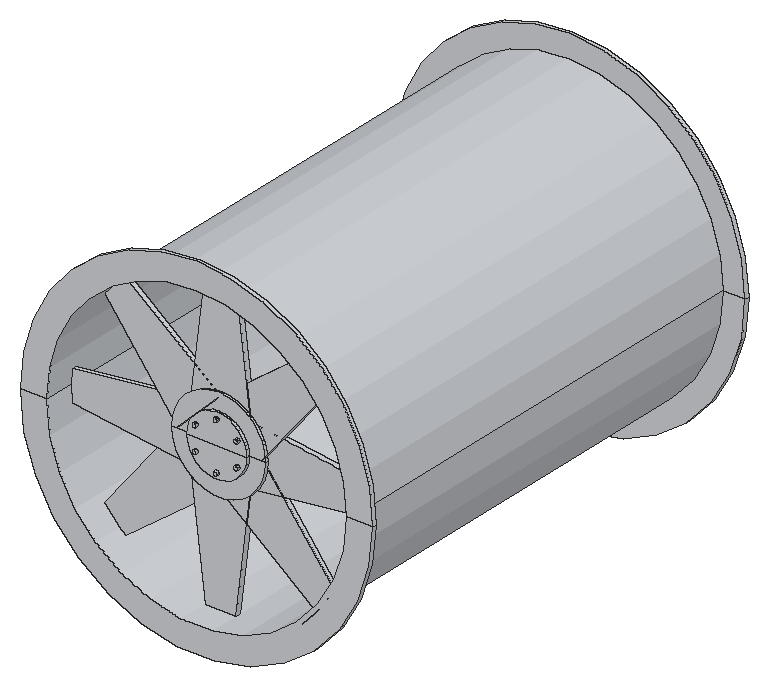
Revit family "CADS_Vent-Axia_MechEquip_Fan_BIFA_400_3Ph2P - EXTRACT", category Mechanical Equipment, Revit 2020
Family settings
  Round Connector Dimension = Use Diameter
  Part Type = Normal
  OmniClass Number = 23.75.00.00
  OmniClass Title = Climate Control (HVAC)
  Work Plane-Based = No
  Always vertical = Yes
  Cut with Voids When Loaded = No
  Shared = No
  Room Calculation Point = No
Parameters (values of type "BIFA403240")
  WorkingPressure = 0.0 Pa
  WarrantyStartDate [instance] = "1900-12-31T23:59:59"
  WarrantyPeriod = ""
  WarrantyIdentifier = "N/A"
  WarrantyGuarantorParts = "tech@vent-axia.com"
  WarrantyGuarantorLabor = "tech@vent-axia.com"
  WarrantyGuarantor = "Vent-Axia Limited"
  WarrantyEndDate [instance] = "1900-12-31T23:59:59"
  WarrantyContent = ""
  TemperatureRange = ""
  TagNumber [instance] = "N/A"
  SustainabilityPerformance = ""
  Status = "New"
  Size = ""
  Shape = ""
  ServiceLifeType = ""
  ServiceLifeDuration = ""
  SerialNumber [instance] = "N/A"
  ReplacementCost = ""
  RatedVoltage = 0 V
  RatedCurrent = 0 A
  Quantity = 1
  ProductionYear = ""
  PressureCurve = ""
  PowerFactor = ""
  PointOfContact = ""
  NumberOfPoles = 0
  NominalWidth = 400 mm
  NominalLength = 625 mm
  NominalHeight = 400 mm
  NominalFrequencyRange = ""
  NominalDiameter = 400 mm
  ModelReference = "BIF 400MM 3PH 2P 40DEG"
  ModelNumber = "BIFA403240"
  Material = ""
  ManufacturerE-Mail = "tech@vent-axia.com"
  ManufacturerAddress = "Fleming Way\nCrawley \nRH10 9YX"
  IsExtendedWarranty = no
  InsulationStandardClass = ""
  InstallationDate [instance] = "1900-12-31T23:59:59"
  IfcExportType [instance] = ""
  IfcExportAs = "IfcFanType"
  IP_Code = ""
  HasProtectiveEarth = no
  GrossWeight = 0.00 kg
  Grade = ""
  GlobalTradeItemNumber [instance] = "N/A"
  Fitting Type = "Ignore"
  Finish = ""
  Features = ""
  ExteriorInsulation = no
  ExpectedServiceLife = 0
  Exclusions = ""
  DurationUnit = "Year"
  Default Elevation = 0 mm
  Constituents = ""
  ConductorFunction = ""
  Color = ""
  CodePerformance = ""
  Category = ""
  CADS_Usage = 0
  CADS_Index = 0
  AssetType = "FIXED"
  AssetIdentifier [instance] = "N/A"
  AssemblyPlace = "UNKNOWN"
  ArticleNumber [instance] = "N/A"
  AirflowRateRange = 0.0 L/s
  Air Flow [instance] = 0.0 L/s
  AccessibilityPerformance = ""
Types (16, lengths in mm): name | ModelReference | ModelNumber
  BIFA403210 | "BIF 400MM 3PH 2P 10DEG" | "BIFA403210"
  BIFA403212 | "BIF 400MM 3PH 2P 12DEG" | "BIFA403212"
  BIFA403214 | "BIF 400MM 3PH 2P 14DEG" | "BIFA403214"
  BIFA403216 | "BIF 400MM 3PH 2P 16DEG" | "BIFA403216"
  BIFA403218 | "BIF 400MM 3PH 2P 18DEG" | "BIFA403218"
  BIFA403220 | "BIF 400MM 3PH 2P 20DEG" | "BIFA403220"
  BIFA403222 | "BIF 400MM 3PH 2P 22DEG" | "BIFA403222"
  BIFA403224 | "BIF 400MM 3PH 2P 24DEG" | "BIFA403224"
  BIFA403226 | "BIF 400MM 3PH 2P 26DEG" | "BIFA403226"
  BIFA403228 | "BIF 400MM 3PH 2P 28DEG" | "BIFA403228"
  BIFA403230 | "BIF 400MM 3PH 2P 30DEG" | "BIFA403230"
  BIFA403232 | "BIF 400MM 3PH 2P 32DEG" | "BIFA403232"
  BIFA403234 | "BIF 400MM 3PH 2P 34DEG" | "BIFA403234"
  BIFA403236 | "BIF 400MM 3PH 2P 36DEG" | "BIFA403236"
  BIFA403238 | "BIF 400MM 3PH 2P 38DEG" | "BIFA403238"
  BIFA403240 | "BIF 400MM 3PH 2P 40DEG" | "BIFA403240"
Reference planes
  plane 1 "Center (Front/Back)": y = 0
  plane 2: z = 0
  plane 3 "Center (Left/Right)": x = 0
  plane 4: x = -200
  plane 5: x = 200
  plane 6 "F": y = -312.5
  plane 7 "B": y = 312.5
  plane 8: x = -235
  plane 9: y = 307.5
  plane 10: y = -307.5
  plane 11: x = -205
  plane 12: y = -272.5
Forms (mm)
  Revolve 1, solid
    sketch origin (0, 0, 0) x (1, 0, 0) y (0, 1, 0)
      loop
        line (-235, -312.5) -> (-200, -312.5) -> (-200, 312.5) -> (-235, 312.5) -> (-235, 307.5) -> (-205, 307.5) -> (-205, -307.5) -> (-235, -307.5) -> (-235, -312.5)
      axis (0, 312.5) -> (0, -312.5)
    angle from 0 to 360
Dimensions and locks
  equal spacing: plane 4, plane 3 "Center (Left/Right)", plane 5
  equal spacing: plane 7 "B", plane 1 "Center (Front/Back)", plane 6 "F"
  "NominalLength": plane 7 "B" to plane 6 "F"
  "NominalDiameter": plane 4 to plane 5
  locked: plane 11 to plane 4 at 5
  locked: plane 8 to plane 11 at 30
  locked: plane 6 "F" to plane 10 at 5
  locked: plane 7 "B" to plane 9 at 5
  locked: plane 6 "F" to plane 12 at 40
  aligned and locked: level to plane 2
  aligned and locked: nested 1 to plane 12
Automatic sketch dimensions
  plane 6 "F" to Revolve 1 sketch curve = 0 mm
  Revolve 1 sketch curve to plane 8 = 0 mm  (x2)
  plane 10 to Revolve 1 sketch curve = 0 mm
  Revolve 1 sketch curve to plane 11 = 0 mm
  Revolve 1 sketch curve to plane 4 = 0 mm
  Revolve 1 sketch curve to plane 3 "Center (Left/Right)" = 0 mm
  plane 1 "Center (Front/Back)" to Revolve 1 sketch curve = 0 mm
  Revolve 1 sketch curve to plane 9 = 0 mm
  Revolve 1 sketch curve to plane 7 "B" = 0 mm
  plane 6 "F" to Revolve 1 sketch curve = 115 mm
Nested families
  nested 1: "Fan for BIFA" at (0, -272.5, 0), ND <- "NominalDiameter", type "Fan for BIFA"
    with hub 40 mm, ND 400 mm, BoltPCD 32 mm, Bolt Count 6, B_Diam 5 mm
  nested 2: "Bolts" at (27.713, -281.672, -16) x (-0.5, 0, -0.866) z (0, 1, 0), type "Bolts"
    with bd 5 mm
  nested 3: "Bolts" at (0, -281.672, -32) x (-1, 0, 0) z (0, 1, 0), type "Bolts"
    with bd 5 mm
  nested 4: "Bolts" at (-27.713, -281.672, -16) x (-0.5, 0, 0.866) z (0, 1, 0), type "Bolts"
    with bd 5 mm
  nested 5: "Bolts" at (-27.713, -281.672, 16) x (0.5, 0, 0.866) z (0, 1, 0), type "Bolts"
    with bd 5 mm
  nested 6: "Bolts" at (27.713, -281.672, 16) x (0.5, 0, -0.866) z (0, 1, 0), type "Bolts"
    with bd 5 mm
  nested 7: "Bolts" at (0, -281.672, 32) x (1, 0, 0) z (0, 1, 0), type "Bolts"
    with bd 5 mm
  nested 8: "BIFA Blade" at (0, -272.5, 0), type "BIFA Blade"
    with a 20.00°, HR 40 mm, HD 80 mm, BT 40 mm, BR 160 mm, BH 40 mm, BD 400 mm, BB 80 mm
  nested 9: "BIFA Blade" at (0, -272.5, 0) x (0.7071, 0, -0.7071) z (0.7071, 0, 0.7071), type "BIFA Blade"
    with a 20.00°, HR 40 mm, HD 80 mm, BT 40 mm, BR 160 mm, BH 40 mm, BD 400 mm, BB 80 mm
  nested 10: "BIFA Blade" at (0, -272.5, 0) x (0, 0, -1) z (1, 0, 0), type "BIFA Blade"
    with a 20.00°, HR 40 mm, HD 80 mm, BT 40 mm, BR 160 mm, BH 40 mm, BD 400 mm, BB 80 mm
  nested 11: "BIFA Blade" at (0, -272.5, 0) x (-0.7071, 0, -0.7071) z (0.7071, 0, -0.7071), type "BIFA Blade"
    with a 20.00°, HR 40 mm, HD 80 mm, BT 40 mm, BR 160 mm, BH 40 mm, BD 400 mm, BB 80 mm
  nested 12: "BIFA Blade" at (0, -272.5, 0) x (-1, 0, 0) z (0, 0, -1), type "BIFA Blade"
    with a 20.00°, HR 40 mm, HD 80 mm, BT 40 mm, BR 160 mm, BH 40 mm, BD 400 mm, BB 80 mm
  nested 13: "BIFA Blade" at (0, -272.5, 0) x (-0.7071, 0, -0.7071) z (-0.7071, 0, 0.7071), type "BIFA Blade"
    with a 20.00°, HR 40 mm, HD 80 mm, BT 40 mm, BR 160 mm, BH 40 mm, BD 400 mm, BB 80 mm
  nested 14: "BIFA Blade" at (0, -272.5, 0) x (0, 0, -1) z (-1, 0, 0), type "BIFA Blade"
    with a 20.00°, HR 40 mm, HD 80 mm, BT 40 mm, BR 160 mm, BH 40 mm, BD 400 mm, BB 80 mm
  nested 15: "BIFA Blade" at (0, -272.5, 0) x (0.7071, 0, -0.7071) z (-0.7071, 0, -0.7071), type "BIFA Blade"
    with a 20.00°, HR 40 mm, HD 80 mm, BT 40 mm, BR 160 mm, BH 40 mm, BD 400 mm, BB 80 mm
Connectors
  hvac at (0, -312.5, 0), driven by "NominalDiameter", driven by "Air Flow"
    settings: on Revolve 1, index 1, duct flow 0.0 L/s, flow factor 0, pres drop 0.0 Pa, loss coef 0, conn angle 0.00°, conn width 304.8 mm, conn height 304.8 mm, conn diameter 400 mm, duct sys type 2, conn prof type 0, flow config 0, flow direction 1, loss method 0, conn ref index -1, conn util no, is conn primary yes, conn desc ""
  hvac at (0, 312.5, 0), driven by "NominalDiameter", driven by "Air Flow"
    settings: on Revolve 1, index 2, duct flow 0.0 L/s, flow factor 0, pres drop 0.0 Pa, loss coef 0, conn angle 0.00°, conn width 304.8 mm, conn height 304.8 mm, conn diameter 400 mm, duct sys type 3, conn prof type 0, flow config 1, flow direction 2, loss method 0, conn ref index -1, conn util no, is conn primary no, conn desc ""
Definition of nested family "Fan for BIFA"
  Parameters (values of type "Fan for BIFA")
    hub [instance] = ND / 10  # 50 mm
    ND [instance] = 500 mm
    Model = "."
    Default Elevation = 0 mm
    BoltPCD [instance] = hub - (hub * 0.2)  # 40 mm
    Bolt Count [instance] = if(hub < 50 mm, 6, 8)  # 8
    B_Diam [instance] = if(hub < 50 mm, 5 mm, 10 mm)  # 10 mm
  Reference planes
    plane 1 "Center (Front/Back)": y = 0
    plane 2: z = 0
    plane 3 "Center (Left/Right)": x = 0
    plane 4 "back": y = 20
    plane 5 "bolts": y = -9.172
    plane 6 "B": z = 50
    plane 7: x = -72.587
    plane 8: x = -50
    plane 9 "hubface": y = -6.172
  Forms (mm)
    Revolve 1, solid
      sketch origin (0, 0, 0) x (1, 0, 0) y (0, 1, 0)
        loop
          line (0, 20) -> (-50, 20) -> (-50, 10.504) -> (-72.587, 10.504) -> (-72.587, -2.597) -> (-50, -2.597) -> (-50, -6.172) -> (0, -6.172) -> (0, 20)
        axis (0, 20) -> (0, -6.172)
      angle from 0 to 360
    Extrusion 2, solid, not visible
      sketch origin (0, -6.347, -4) x (-1, 0, 0) y (0, 0, 1)
        loop
          circle (0, 84) r 5
      from 0 to 3
  Lines and regions (mm)
    symbolic lines
      curve 1: circle (0, -9.172, 0) r 40 normal (0, 1, 0)
    model lines, not visible
      curve 2: line (0, -6.347, 85) -> (0, -6.347, 75)
  Dimensions and locks
    "hub": plane 6 "B" to plane 2
    "hub": nested 3 to plane 3 "Center (Left/Right)"
    "hub": nested 4 to plane 3 "Center (Left/Right)"
    "hub": nested 5 to plane 3 "Center (Left/Right)"
    "hub": plane 3 "Center (Left/Right)" to nested 6
    "hub": Revolve 1 sketch curve to Revolve 1 sketch curve
    "hub": plane 3 "Center (Left/Right)" to nested 7
    "hub": plane 3 "Center (Left/Right)" to nested 8
    "hub": plane 3 "Center (Left/Right)" to nested 9
    "hub": plane 8 to plane 3 "Center (Left/Right)"
    plane 7 to plane 8 = 22.587 mm
    diameter of Extrusion 2 sketch curve = 10 mm
    "BoltPCD": radius of curve 1
    "BoltPCD": radius of radial array
    aligned and locked: level to plane 2
    aligned and locked: plane 6 "B" to nested 1
  Automatic sketch dimensions
    Revolve 1 sketch curve to plane 7 = 0 mm
    Revolve 1 sketch curve to plane 8 = 0 mm  (x2)
    Revolve 1 sketch curve to plane 3 "Center (Left/Right)" = 0 mm
    Revolve 1 sketch curve to plane 9 "hubface" = 0 mm
    plane 4 "back" to Revolve 1 sketch curve = 0 mm
    plane 1 "Center (Front/Back)" to Revolve 1 sketch curve = 2.597 mm
    plane 4 "back" to Revolve 1 sketch curve = 9.496 mm
    plane 4 "back" to Revolve 1 sketch curve = 5 mm
    Revolve 1 sketch curve to Revolve 1 sketch curve = 45 mm
    curve 1 to level = 0 mm
    curve 1 to plane 3 "Center (Left/Right)" = 0 mm
  Nested families
    nested 1: "BIFA Blade" at (0, 0, 25), BD <- "ND", HD <- "hub", type "BIFA Blade"
      with a 20.00°, HR 25 mm, HD 50 mm, BT 25 mm, BR 100 mm, BH 40 mm, BD 250 mm, BB 50 mm
    nested 2: "BIFA Blade" at (0, 0, 55), BD <- "ND", HD <- "hub", type "BIFA Blade", not visible
      with a 20.00°, HR 25 mm, HD 50 mm, BT 25 mm, BR 100 mm, BH 40 mm, BD 250 mm, BB 50 mm
    nested 3: "BIFA Blade" at (17.678, 0, 17.678) x (0.7071, 0, -0.7071) z (0.7071, 0, 0.7071), BD <- "ND", HD <- "hub", type "BIFA Blade"
      with a 20.00°, HR 25 mm, HD 50 mm, BT 25 mm, BR 100 mm, BH 40 mm, BD 250 mm, BB 50 mm
    nested 4: "BIFA Blade" at (25, 0, 0) x (0, 0, -1) z (1, 0, 0), BD <- "ND", HD <- "hub", type "BIFA Blade"
      with a 20.00°, HR 25 mm, HD 50 mm, BT 25 mm, BR 100 mm, BH 40 mm, BD 250 mm, BB 50 mm
    nested 5: "BIFA Blade" at (17.678, 0, -17.678) x (-0.7071, 0, -0.7071) z (0.7071, 0, -0.7071), BD <- "ND", HD <- "hub", type "BIFA Blade"
      with a 20.00°, HR 25 mm, HD 50 mm, BT 25 mm, BR 100 mm, BH 40 mm, BD 250 mm, BB 50 mm
    nested 6: "BIFA Blade" at (0, 0, -25) x (-1, 0, 0) z (0, 0, -1), BD <- "ND", HD <- "hub", type "BIFA Blade"
      with a 20.00°, HR 25 mm, HD 50 mm, BT 25 mm, BR 100 mm, BH 40 mm, BD 250 mm, BB 50 mm
    nested 7: "BIFA Blade" at (-17.678, 0, 17.678) x (-0.7071, 0, -0.7071) z (-0.7071, 0, 0.7071), BD <- "ND", HD <- "hub", type "BIFA Blade"
      with a 20.00°, HR 25 mm, HD 50 mm, BT 25 mm, BR 100 mm, BH 40 mm, BD 250 mm, BB 50 mm
    nested 8: "BIFA Blade" at (-25, 0, 0) x (0, 0, -1) z (-1, 0, 0), BD <- "ND", HD <- "hub", type "BIFA Blade"
      with a 20.00°, HR 25 mm, HD 50 mm, BT 25 mm, BR 100 mm, BH 40 mm, BD 250 mm, BB 50 mm
    nested 9: "BIFA Blade" at (-17.678, 0, -17.678) x (0.7071, 0, -0.7071) z (-0.7071, 0, -0.7071), BD <- "ND", HD <- "hub", type "BIFA Blade"
      with a 20.00°, HR 25 mm, HD 50 mm, BT 25 mm, BR 100 mm, BH 40 mm, BD 250 mm, BB 50 mm
    nested 10: "Bolts" at (0, -9.172, 40) x (1, 0, 0) z (0, 1, 0), bd <- "B_Diam", type "Bolts"
      with bd 10 mm
    nested 11: "Bolts" at (28.284, -9.172, 28.284) x (0.7071, 0, -0.7071) z (0, 1, 0), bd <- "B_Diam", type "Bolts"
      with bd 10 mm
    nested 12: "Bolts" at (-28.284, -9.172, 28.284) x (0.7071, 0, 0.7071) z (0, 1, 0), bd <- "B_Diam", type "Bolts"
      with bd 10 mm
    nested 13: "Bolts" at (-40, -9.172, 0) x (0, 0, 1) z (0, 1, 0), bd <- "B_Diam", type "Bolts"
      with bd 10 mm
    nested 14: "Bolts" at (-28.284, -9.172, -28.284) x (-0.7071, 0, 0.7071) z (0, 1, 0), bd <- "B_Diam", type "Bolts"
      with bd 10 mm
    nested 15: "Bolts" at (0, -9.172, -40) x (-1, 0, 0) z (0, 1, 0), bd <- "B_Diam", type "Bolts"
      with bd 10 mm
    nested 16: "Bolts" at (28.284, -9.172, -28.284) x (-0.7071, 0, -0.7071) z (0, 1, 0), bd <- "B_Diam", type "Bolts"
      with bd 10 mm
    nested 17: "Bolts" at (40, -9.172, 0) x (0, 0, -1) z (0, 1, 0), bd <- "B_Diam", type "Bolts"
      with bd 10 mm
  Definition of nested family "BIFA Blade"
    Parameters (values of type "BIFA Blade")
      a [instance] = 20.00°
      HR [instance] = HD / 2  # 30 mm
      HD [instance] = BD / 5  # 60 mm
      Default Elevation = 1219.2 mm
      BT [instance] = BD / 10  # 30 mm
      BR [instance] = (BD / 2) - HR  # 120 mm
      BH [instance] = 40 mm
      BD [instance] = 300 mm
      BB [instance] = BD / 5  # 60 mm
    Reference planes
      plane 1 "Center (Front/Back)": y = 0
      plane 2: z = 0
      plane 3 "Center (Left/Right)": x = 0
      plane 4 "Blade Bot": z = 30
      plane 5: x = -30
      plane 6: x = 30
      plane 7: x = -15
      plane 8: x = 15
    Forms (mm)
      Blend 1, solid
        base sketch origin (0, 0, 30) x (-1, 0, 0) y (0, -1, 0)
          loop
            line (30, 0) -> (-30, 0) -> (-30, -6) -> (30, -6) -> (30, 0)
        top sketch origin (0, 0, 30) x (-1, 0, 0) y (0, -1, 0)
          loop
            line (15, -6) -> (15, 0) -> (-15, 0) -> (-15, -6) -> (15, -6)
        from 0 to 120 <- "BR"
    Dimensions and locks
      "HR": plane 4 "Blade Bot" to level
      equal spacing: plane 8, plane 3 "Center (Left/Right)", plane 7
      "BT": plane 8 to plane 7
      equal spacing: plane 6, plane 3 "Center (Left/Right)", plane 5
      "BB": plane 6 to plane 5
      aligned and locked: level to plane 2
    Automatic sketch dimensions
      plane 1 "Center (Front/Back)" to Blend 1 sketch curve = 0 mm  (x2)
      Blend 1 sketch curve to plane 6 = 0 mm
      Blend 1 sketch curve to plane 5 = 0 mm
      Blend 1 sketch curve to plane 1 "Center (Front/Back)" = 6 mm  (x2)
      Blend 1 sketch curve to plane 8 = 0 mm
      Blend 1 sketch curve to plane 7 = 0 mm
  Definition of nested family "Bolts"
    Parameters
      bd [instance] = 10 mm
      Default Elevation = 1219.2 mm
    Reference planes
      plane 1 "Center (Front/Back)": y = 0
      plane 2: z = 0
      plane 3 "Center (Left/Right)": x = 0
    Forms (mm)
      Extrusion 1, solid
        sketch origin (0, 0, 0) x (1, 0, 0) y (0, 1, 0)
          loop
            line (-1219.2, 1219.2) -> (-1219.2, -1219.2) -> (1219.2, -1219.2) -> (1219.2, 1219.2) -> (-1219.2, 1219.2)
        from 0 to -304.8
      Extrusion 2, solid
        sketch origin (0, 0, 0) x (1, 0, 0) y (0, 1, 0)
          loop
            circle (0, 0) r 5
        from 0 to 3
    Dimensions and locks
      "bd": diameter of Extrusion 2 sketch curve
      aligned and locked: plane 2 to Extrusion 1
      aligned and locked: level to Extrusion 1
    Automatic sketch dimensions
      Extrusion 1 sketch curve to Extrusion 1 sketch curve = 2438.4 mm  (x2)
      plane 1 "Center (Front/Back)" to Extrusion 2 sketch curve = 0 mm
      Extrusion 2 sketch curve to plane 3 "Center (Left/Right)" = 0 mm
Definition of nested family "Bolts"
  Parameters
    bd [instance] = 10 mm
    Default Elevation = 1219.2 mm
  Reference planes
    plane 1 "Center (Front/Back)": y = 0
    plane 2: z = 0
    plane 3 "Center (Left/Right)": x = 0
  Forms (mm)
    Extrusion 1, solid
      sketch origin (0, 0, 0) x (1, 0, 0) y (0, 1, 0)
        loop
          line (-1219.2, 1219.2) -> (-1219.2, -1219.2) -> (1219.2, -1219.2) -> (1219.2, 1219.2) -> (-1219.2, 1219.2)
      from 0 to -304.8
    Extrusion 2, solid
      sketch origin (0, 0, 0) x (1, 0, 0) y (0, 1, 0)
        loop
          circle (0, 0) r 5
      from 0 to 3
  Dimensions and locks
    "bd": diameter of Extrusion 2 sketch curve
    aligned and locked: plane 2 to Extrusion 1
    aligned and locked: level to Extrusion 1
  Automatic sketch dimensions
    Extrusion 1 sketch curve to Extrusion 1 sketch curve = 2438.4 mm  (x2)
    plane 1 "Center (Front/Back)" to Extrusion 2 sketch curve = 0 mm
    Extrusion 2 sketch curve to plane 3 "Center (Left/Right)" = 0 mm
Definition of nested family "BIFA Blade"
  Parameters (values of type "BIFA Blade")
    a [instance] = 20.00°
    HR [instance] = HD / 2  # 30 mm
    HD [instance] = BD / 5  # 60 mm
    Default Elevation = 1219.2 mm
    BT [instance] = BD / 10  # 30 mm
    BR [instance] = (BD / 2) - HR  # 120 mm
    BH [instance] = 40 mm
    BD [instance] = 300 mm
    BB [instance] = BD / 5  # 60 mm
  Reference planes
    plane 1 "Center (Front/Back)": y = 0
    plane 2: z = 0
    plane 3 "Center (Left/Right)": x = 0
    plane 4 "Blade Bot": z = 30
    plane 5: x = -30
    plane 6: x = 30
    plane 7: x = -15
    plane 8: x = 15
  Forms (mm)
    Blend 1, solid
      base sketch origin (0, 0, 30) x (-1, 0, 0) y (0, -1, 0)
        loop
          line (30, 0) -> (-30, 0) -> (-30, -6) -> (30, -6) -> (30, 0)
      top sketch origin (0, 0, 30) x (-1, 0, 0) y (0, -1, 0)
        loop
          line (15, -6) -> (15, 0) -> (-15, 0) -> (-15, -6) -> (15, -6)
      from 0 to 120 <- "BR"
  Dimensions and locks
    "HR": plane 4 "Blade Bot" to level
    equal spacing: plane 8, plane 3 "Center (Left/Right)", plane 7
    "BT": plane 8 to plane 7
    equal spacing: plane 6, plane 3 "Center (Left/Right)", plane 5
    "BB": plane 6 to plane 5
    aligned and locked: level to plane 2
  Automatic sketch dimensions
    plane 1 "Center (Front/Back)" to Blend 1 sketch curve = 0 mm  (x2)
    Blend 1 sketch curve to plane 6 = 0 mm
    Blend 1 sketch curve to plane 5 = 0 mm
    Blend 1 sketch curve to plane 1 "Center (Front/Back)" = 6 mm  (x2)
    Blend 1 sketch curve to plane 8 = 0 mm
    Blend 1 sketch curve to plane 7 = 0 mm
